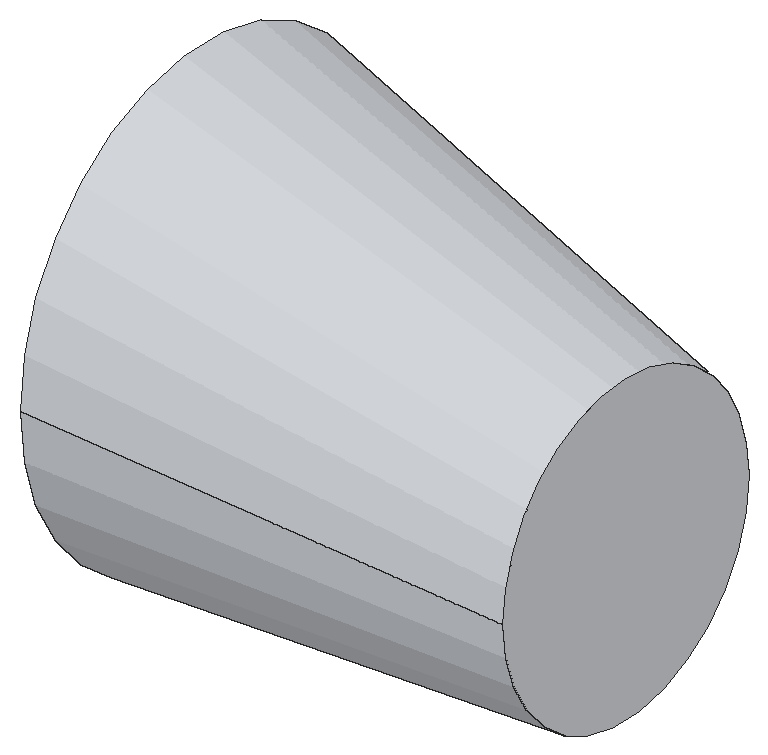
Revit family "32W Buttweld Eccentric Reducer-304", category Pipe Accessories, Revit 2018
Family settings
  Round Connector Dimension = Use Diameter
  Part Type = Normal
  Work Plane-Based = No
  Always vertical = Yes
  Cut with Voids When Loaded = No
  Shared = No
Parameters (values of type "32W Buttweld Eccentric Reducer")
  reduced pipe radius [instance] = reduced pipe diameter / 2  # 2.000"
  reduced pipe diameter [instance] = 4.000"
  pipe radius [instance] = Nominal Diameter / 2  # 3.000"
  Weight [instance] = size_lookup(LookupTable, "Weight", "NA", Reduced Code)  # "2.486 lbs."
  URL = "http://www.fnw.com"
  Standards Lookup Table = "Standards"  # constant formula
  Reduced Code [instance] = Nominal 1 Code + reduced pipe diameter  # 804.000"
  Product ID [instance] = size_lookup(LookupTable, "ProductID", "NA", Reduced Code)  # "4831168"
  Part Number [instance] = size_lookup(LookupTable, "PartNumber", "NA", Reduced Code)  # "G32W74UP"
  Nominal Diameter [instance] = 6"
  Nominal 1 Code [instance] = if(Nominal Diameter = 0.750", 100.000", if(Nominal Diameter = 1.000", 200.000", if(Nominal Diameter = 1.500", 300.000", if(Nominal Diameter = 2.000", 400.000", if(Nominal Diameter = 2.500", 500.000", if(Nominal Diameter = 3.000", 600.000", if(Nominal Diameter = 4.000", 700.000", if(Nominal Diameter = 6.000", 800.000", 0.000"))))))))  # 800.000"
  LookupTable = "32W Buttweld Eccentric Reducer"  # constant formula
  Description BOM [instance] = size_lookup(LookupTable, "Description_BOM", "NA", Reduced Code)  # "6X4 304 BW ECC RED #7"
  A [instance] = size_lookup(LookupTable, "A", 4.000", Reduced Code)  # 5.500"
Reference planes (in)
  plane 1 "Center (Front/Back)": y = 0
  plane 2: z = 0
  plane 3 "Center (Left/Right)": x = 0
  plane 4: z = 3
  plane 5: x = -2.75
  plane 6: x = 2.75
  plane 7: z = 2
Forms (in)
  Blend 1, solid
    base sketch origin (0, 0, 0) x (0, 1, 0) y (0, 0, 1)
      loop
        circle (0, 3) r 3
    top sketch origin (0, 0, 0) x (0, 1, 0) y (0, 0, 1)
      loop
        circle (0, 2) r 2
    from -2.75 to 2.75
Text (in)
  text "3/4 x 1/2 shown" at (4.29491, 0, -3.03998), in view "Front"
Dimensions and locks (in)
  equal spacing: plane 6, plane 3 "Center (Left/Right)", plane 5
  "A": plane 6 to plane 5
  "pipe radius": plane 4 to plane 2
  "reduced pipe radius": plane 7 to plane 2
  "pipe radius": radius of Blend 1 sketch curve
  "reduced pipe radius": radius of Blend 1 sketch curve
  aligned and locked: plane 2 to level
  aligned and locked: Blend 1 to plane 5
  aligned and locked: plane 6 to Blend 1
Automatic sketch dimensions
  Blend 1 sketch curve to plane 1 "Center (Front/Back)" = 0.000"  (x2)
  plane 4 to Blend 1 sketch curve = 0.000"
  Blend 1 sketch curve to plane 7 = 0.000"
Connectors (in)
  piping at (-2.75, 0, 3), diameter 6, driven by "Nominal Diameter"
    settings: on Blend 1, index 1, connector inside diameter 24", connector length 0.000", flow factor 0, pipe flow 0 GPM, pressure drop 0.00 psi, fitting loss kfactor 0, connector angle 0.00°, fixture units 0, engagement length 0.000", angle of deflection 0.00°, flow configuration 0, flow direction 0, fitting loss method 0, system type 16, joint type 0, gender type 0, connector reference index -1, connector utility 0, adjustable connector no, is connector primary yes, connector description ""
  piping at (2.75, 0, 2), diameter 4, driven by "reduced pipe diameter"
    settings: on Blend 1, index 2, connector inside diameter 24", connector length 0.000", flow factor 0, pipe flow 0 GPM, pressure drop 0.00 psi, fitting loss kfactor 0, connector angle 0.00°, fixture units 0, engagement length 0.000", angle of deflection 0.00°, flow configuration 0, flow direction 0, fitting loss method 0, system type 7, joint type 0, gender type 0, connector reference index -1, connector utility 0, adjustable connector no, is connector primary no, connector description ""
